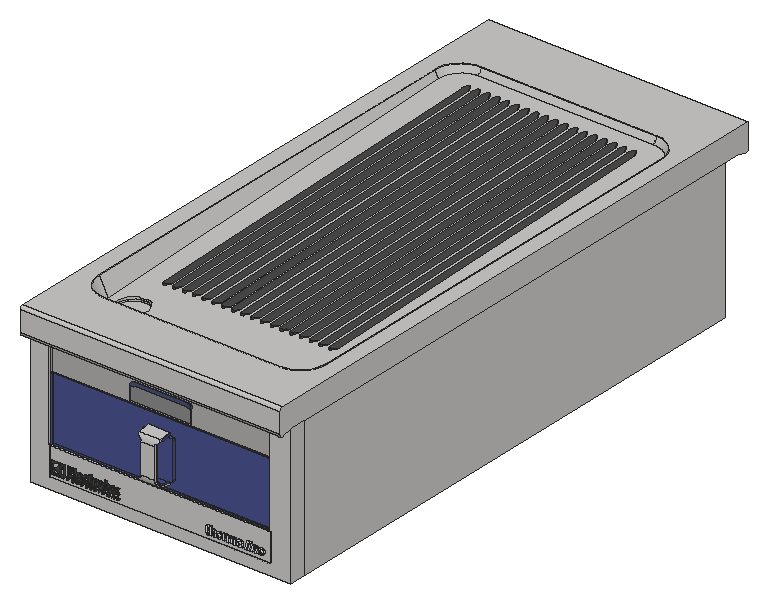
Revit family "QF_ELECTROLUXPROFESSIONAL_589830_MCHNAADODM", category Attrezzature speciali, Revit 2020
Family settings
  Quota connettore circolare = Usa diametro
  Tipo di parte = Normale
  Basato su piano di lavoro = No
  Sempre verticale = Sì
  Taglio con vuoti quando caricato = No
  Condiviso = No
  Punto di calcolo locali = No
Parameters (values of type "Standard")
  Weight = 69.00 kg
  Watts = 5100 W
  Volts = 440 V
  URL Manufacturer = "https://www.electroluxprofessional.com/"
  URL = "https://www.electroluxprofessional.com/"
  Steam Supply Size = 0"
  Steam Supply Minimum Pressure = 0.00 psi
  Steam Supply Maximum Pressure = 0.00 psi
  Steam Consumption per Hour = 0
  Refrigeration Suction Line Size = 0 mm
  Refrigeration Liquid Line Size = 0 mm
  Refrigerant Compressor Remote = yes
  Prospetto di default = 0 mm
  Phase = 3
  Modello = "MCHNAADODM"
  Produttore = "Electrolux Professional"
  Length Actual = 400 mm  # constant formula
  Item Number = "589830"
  Hot Water Size = 0"
  Height Actual = 250 mm  # constant formula
  HP = "6.8 HP"
  Gas Size = 0"
  Gas KW = 0
  Gas Input Pressure = 0.0 Btu/h
  Direct Waste Size = 0"
  Descrizione = "FRYTOP,RBD,1Z,1S,400X900X250H MARINE"
  Depth Actual = 900 mm  # constant formula
  Cycle = 50 Hz
  Condensate Return Size = 0"
  Compressed Air Volume = 0 GPM
  Compressed Air Size = 0"
  Compressed Air Pressure = 0.00 psi
  Cold Water Size = 0"
  Accessory = yes
Reference planes
  plane 1 "BACK": y = 0
  plane 2: z = 0
  plane 3 "LEFT": x = 0
  plane 4 "RIGHT": x = 400
  plane 5 "FRONT": y = -900
  plane 6 "TOP": z = 900
  plane 7 "Center (Left/Right)": x = 200
  plane 8 "Center (Front/Back)": y = -425
  plane 9: y = -150
  plane 10: y = -65
  plane 11: y = -840
  plane 12 "EIY": y = -685
  plane 13: z = 938
  plane 14 "BaseTop": z = 650
  plane 15: y = -855
  plane 16 "Camino": y = -50
  plane 17 "EIx": x = 355
  plane 18: z = 1131
  plane 19 "PlaneRibbed": through (-6096, -65, 890) normal (0, -0.0251, 0.9997)
  plane 20 "Base": z = 200
Forms (mm)
  Extrusion 1, solid, material "QF_Finishes_Stainless Steel"
    sketch origin (-178.969, -4572, 100) x (-1, 0, 0) y (0, -1, 0)
      loop
        line (-178.969, -4527) -> (-178.969, -3717) -> (-578.969, -3717) -> (-578.969, -4527) -> (-178.969, -4527)
    from 550 to 762.969
  Extrusion 2, solid, material "QF_Finishes_Stainless Steel"
    sketch origin (200, 296.4, 1219.2) x (0, 1, 0) y (0, 0, 1)
      loop
        line (-296.4, -319.2) -> (-1191.4, -319.2)
        arc (-1191.4, -319.2) -> (-1194.935, -320.664) -> (-1196.4, -324.2) r 5
        line (-1196.4, -324.2) -> (-1196.4, -355.2)
        arc (-1196.4, -355.2) -> (-1194.971, -358.264) -> (-1191.705, -359.139) r 4
        line (-1191.705, -359.139) -> (-1176.4, -356.231) -> (-316.4, -356.231) -> (-301.094, -359.139)
        arc (-301.094, -359.139) -> (-297.829, -358.264) -> (-296.4, -355.2) r 4
        line (-296.4, -355.2) -> (-296.4, -319.2)
    from -200 to 200
  Extrusion 3, void
    sketch origin (0, -30, 900) x (-1, 0, 0) y (0, -1, 0)
      loop
        arc (-65, 65) -> (-36.716, 76.716) -> (-25, 105) r 40
        line (-25, 105) -> (-25, 750)
        arc (-25, 750) -> (-36.716, 778.284) -> (-65, 790) r 40
        line (-65, 790) -> (-335, 790)
        arc (-335, 790) -> (-363.284, 778.284) -> (-375, 750) r 40
        line (-375, 750) -> (-375, 105)
        arc (-375, 105) -> (-363.284, 76.716) -> (-335, 65) r 40
        line (-335, 65) -> (-65, 65)
    from 0 to -30
  Sweep 4, solid, material "QF_Finishes_Stainless Steel"
    path origin (0, -30, 900) x (-1, 0, 0) y (0, -1, 0)
      loop
        line (-25, 105) -> (-25, 750)
        arc (-25, 750) -> (-36.716, 778.284) -> (-65, 790) r 40
        line (-65, 790) -> (-335, 790)
        arc (-335, 790) -> (-363.284, 778.284) -> (-375, 750) r 40
        line (-375, 750) -> (-375, 105)
        arc (-375, 105) -> (-363.284, 76.716) -> (-335, 65) r 40
        line (-335, 65) -> (-65, 65)
        arc (-65, 65) -> (-36.716, 76.716) -> (-25, 105) r 40
    profile origin (25, -457.5, 900) x (1, 0, 0) y (0, 0, 1)
      loop
        line (0, 0) -> (0, -30) -> (15, -30) -> (0, 0)
  Extrusion 5, void
    sketch origin (-19.991, -30, 900) x (-1, 0, 0) y (0, -1, 0)
      loop
        circle (-94.991, 746) r 22.248
    from -32.282 to 0
  Extrusion 6, solid, material "QF_Finishes_Stainless Steel"
    sketch origin (200, 266.4, 1219.2) x (0, 1, 0) y (0, 0, 1)
      loop
        line (-1086.4, -349.2) -> (-361.4, -349.2) -> (-361.4, -329.2) -> (-1086.4, -347.399) -> (-1086.4, -349.2)
    from -175 to 175
  Extrusion 7, void
    sketch origin (-34.748, -10, 900) x (-1, 0, 0) y (0, -1, 0)
      loop
        circle (-109.748, 765.667) r 22.248
    from -32.282 to 0
  Extrusion 8, solid, material "QF_Finishes_Stainless Steel"
    sketch origin (0, 0, 650) x (-1, 0, 0) y (0, -1, 0)
      loop
        circle (-355, 685) r 10
    from 0 to -6.533
Cuts and joins
  Extrusion 3, Extrusion 5, Extrusion 7 cuts Extrusion 2
  Extrusion 7 cuts Sweep 4
  Extrusion 7 cuts Extrusion 6
  joined: Sweep 4, Extrusion 6
Lines and regions (mm)
  symbolic lines
    curve 1: line (0, 0, 100) -> (400, 0, 100)
    curve 2: line (0, -900, 100) -> (0, 0, 100)
    curve 3: line (400, -900, 100) -> (0, -900, 100)
    curve 4: line (400, 0, 100) -> (400, -900, 100)
    curve 5: line (335, -95, 0) -> (65.29, -95, 0)
    curve 6: line (65.29, -820, 0) -> (335, -820, 0)
    curve 7: line (65, -110, 900) -> (335, -110, 900)
    curve 8: line (335, -806.075, 900) -> (65, -806.075, 900)
    curve 9: arc (360, -781.075, 900) -> (352.678, -798.753, 900) -> (335, -806.075, 900) r 25
    curve 10: line (360, -135, 900) -> (360, -781.075, 900)
    curve 11: arc (335, -110, 900) -> (352.678, -117.322, 900) -> (360, -135, 900) r 25
    curve 12: circle (75, -776, 900) r 22.248 normal (0, 0, 1)
    curve 13: arc (90.5, -115.483, 900) -> (62.314, -127.096, 900) -> (50.5, -155.198, 900) r 39.994
    curve 14: line (90.5, -115.482, 900) -> (309.507, -115.482, 900)
    curve 15: line (50.5, -692.082, 900) -> (50.5, -155.198, 900)
    curve 16: arc (50.5, -692.082, 900) -> (62.314, -720.184, 900) -> (90.5, -731.797, 900) r 39.994
    curve 17: line (309.507, -731.798, 900) -> (90.5, -731.798, 900)
    curve 18: line (40.29, -738.526, 900) -> (360, -738.526, 900)
    curve 19: line (40.29, -748.526, 900) -> (360, -748.526, 900)
    curve 20: arc (65, -95, 900) -> (36.716, -106.716, 900) -> (25, -135, 900) r 40
    curve 21: line (25, -135, 900) -> (25, -780, 900)
    curve 22: arc (25, -780, 900) -> (36.716, -808.284, 900) -> (65, -820, 900) r 40
    curve 23: arc (335, -820, 900) -> (363.284, -808.284, 900) -> (375, -780, 900) r 40
    curve 24: line (375, -780, 900) -> (375, -135, 900)
    curve 25: arc (375, -135, 900) -> (363.284, -106.716, 900) -> (335, -95, 900) r 40
    curve 26: arc (309.507, -115.483, 900) -> (337.688, -127.098, 900) -> (349.5, -155.198, 900) r 39.994
    curve 27: line (349.5, -692.082, 900) -> (349.5, -155.198, 900)
    curve 28: arc (349.5, -692.082, 900) -> (337.688, -720.181, 900) -> (309.507, -731.797, 900) r 39.994
    curve 29: arc (65, -806.075, 900) -> (47.322, -798.753, 900) -> (40, -781.075, 900) r 25
    curve 30: line (40, -781.075, 900) -> (40, -135, 900)
    curve 31: arc (40, -135, 900) -> (47.322, -117.322, 900) -> (65, -110, 900) r 25
Dimensions and locks
  plane 3 "LEFT" to plane 4 "RIGHT" = 400 mm
  plane 5 "FRONT" to plane 1 "BACK" = 900 mm
  plane 3 "LEFT" to plane 7 "Center (Left/Right)" to plane 4 "RIGHT" = 200 mm, 200 mm
  plane 5 "FRONT" to plane 8 "Center (Front/Back)" to plane 1 "BACK" = 475 mm, 425 mm
  plane 6 "TOP" to level = 900 mm  (x2)
  plane 1 "BACK" to plane 9 = 150 mm
  plane 12 "EIY" to plane 1 "BACK" = 685 mm
  plane 13 to plane 6 "TOP" = 38 mm
  plane 10 to plane 1 "BACK" = 65 mm
  plane 5 "FRONT" to plane 11 = 60 mm
  locked: plane 6 "TOP" to plane 14 "BaseTop" at 250
  locked: plane 15 to plane 5 "FRONT" at 45
  plane 16 "Camino" to plane 1 "BACK" = 50 mm
  plane 17 "EIx" to plane 4 "RIGHT" = 45 mm
  plane 18 to plane 6 "TOP" = 231 mm
  plane 20 "Base" to level = 200 mm
  aligned and locked: level to plane 2
  aligned and locked: cut or joined group of Extrusion 2, Extrusion 3, Extrusion 5, Extrusion 7 to plane 4 "RIGHT"
  aligned and locked: nested 1 to plane 15
  aligned and locked: Extrusion 1 to plane 15
  aligned and locked: plane 3 "LEFT" to nested 1
Nested families
  nested 1: "Front_Panel_W400_1 Knob" at (52.376, -855, 0), type "Front_Panel_W400_1 Knob"
  nested 2: "Rib_D12" at (312.5, -409.667, 882.101) x (-1, 0, 0) z (0, -0.0251, 0.9997), type "Rib_D12"
    with Show Clearance yes, Lenght 588 mm
  nested 3: "Rib_D12" at (297.5, -409.667, 882.101) x (-1, 0, 0) z (0, -0.0251, 0.9997), type "Rib_D12"
    with Show Clearance yes, Lenght 588 mm
  nested 4: "Rib_D12" at (282.5, -409.667, 882.101) x (-1, 0, 0) z (0, -0.0251, 0.9997), type "Rib_D12"
    with Show Clearance yes, Lenght 588 mm
  nested 5: "Rib_D12" at (267.5, -409.667, 882.101) x (-1, 0, 0) z (0, -0.0251, 0.9997), type "Rib_D12"
    with Show Clearance yes, Lenght 588 mm
  nested 6: "Rib_D12" at (252.5, -409.667, 882.101) x (-1, 0, 0) z (0, -0.0251, 0.9997), type "Rib_D12"
    with Show Clearance yes, Lenght 588 mm
  nested 7: "Rib_D12" at (237.5, -409.667, 882.101) x (-1, 0, 0) z (0, -0.0251, 0.9997), type "Rib_D12"
    with Show Clearance yes, Lenght 588 mm
  nested 8: "Rib_D12" at (222.5, -409.667, 882.101) x (-1, 0, 0) z (0, -0.0251, 0.9997), type "Rib_D12"
    with Show Clearance yes, Lenght 588 mm
  nested 9: "Rib_D12" at (207.5, -409.667, 882.101) x (-1, 0, 0) z (0, -0.0251, 0.9997), type "Rib_D12"
    with Show Clearance yes, Lenght 588 mm
  nested 10: "Rib_D12" at (192.5, -409.667, 882.101) x (-1, 0, 0) z (0, -0.0251, 0.9997), type "Rib_D12"
    with Show Clearance yes, Lenght 588 mm
  nested 11: "Rib_D12" at (177.5, -409.667, 882.101) x (-1, 0, 0) z (0, -0.0251, 0.9997), type "Rib_D12"
    with Show Clearance yes, Lenght 588 mm
  nested 12: "Rib_D12" at (162.5, -409.667, 882.101) x (-1, 0, 0) z (0, -0.0251, 0.9997), type "Rib_D12"
    with Show Clearance yes, Lenght 588 mm
  nested 13: "Rib_D12" at (147.5, -409.667, 882.101) x (-1, 0, 0) z (0, -0.0251, 0.9997), type "Rib_D12"
    with Show Clearance yes, Lenght 588 mm
  nested 14: "Rib_D12" at (327.5, -409.667, 882.101) x (-1, 0, 0) z (0, -0.0251, 0.9997), type "Rib_D12"
    with Show Clearance yes, Lenght 588 mm
  nested 15: "Rib_D12" at (132.5, -409.667, 882.101) x (-1, 0, 0) z (0, -0.0251, 0.9997), type "Rib_D12"
    with Show Clearance yes, Lenght 588 mm
  nested 16: "Rib_D12" at (117.5, -409.667, 882.101) x (-1, 0, 0) z (0, -0.0251, 0.9997), type "Rib_D12"
    with Show Clearance yes, Lenght 588 mm
  nested 17: "Rib_D12" at (102.5, -409.667, 882.101) x (-1, 0, 0) z (0, -0.0251, 0.9997), type "Rib_D12"
    with Show Clearance yes, Lenght 588 mm
  nested 18: "Rib_D12" at (87.5, -409.667, 882.101) x (-1, 0, 0) z (0, -0.0251, 0.9997), type "Rib_D12"
    with Show Clearance yes, Lenght 588 mm
  nested 19: "Rib_D12" at (72.5, -409.667, 882.101) x (-1, 0, 0) z (0, -0.0251, 0.9997), type "Rib_D12"
    with Show Clearance yes, Lenght 588 mm
Connectors
  electrical at (355, -685, 643.467)
    settings: on Extrusion 8, index 1, voltage 0 V, apparent load 0 VA, apparent load phase1 0 VA, apparent load phase2 0 VA, apparent load phase3 0 VA, power factor 1, load classification "Other", number of poles 1, system type 30, power factor state 1, is connector primary yes, connector utility no, sub classification motor no, connector description "Electrical connection"
Definition of nested family "Front_Panel_W400_1 Knob"
  Parameters
    Default Elevation = 0 mm
  Reference planes
    plane 1 "Center (Front/Back)": y = 0
    plane 2: z = 0
    plane 3 "Center (Left/Right)": x = 147.624
    plane 4 "Left": x = -52.376
    plane 5 "Right": x = 347.624
    plane 6: y = -45
    plane 7: y = -310
    plane 8: y = -25
    plane 9: x = 317.624
    plane 10: x = -22.376
  Forms (mm)
    Extrusion 1, solid
      sketch origin (833.217, 829.203, -1.25) x (0, 1, 0) y (0, 0, 1)
        loop
          line (-854.203, 651.25) -> (-829.203, 651.25) -> (-829.203, 864.25) -> (-854.203, 864.25) -> (-854.203, 651.25)
      from -885.593 to -485.593
    Extrusion 2, void
      sketch origin (0, 0, 0) x (1, 0, 0) y (0, 0, 1)
        loop
          line (-24.876, 853.866) -> (-24.876, 711.866) -> (315.124, 711.866) -> (315.124, 853.866) -> (-24.876, 853.866)
      from 19.387 to 33.951
    Extrusion 3, void
      sketch origin (0, 0, 0) x (1, 0, 0) y (0, 0, 1)
        loop
          line (-22.376, 711.866) -> (-22.376, 666.866) -> (317.624, 666.866) -> (317.624, 711.866) -> (-22.376, 711.866)
      from 19.387 to 25
    Extrusion 4, solid
      sketch origin (0, 0, 0) x (1, 0, 0) y (0, 0, 1)
        loop
          line (-21.376, 710.866) -> (-21.376, 667.866) -> (316.624, 667.866) -> (316.624, 710.866) -> (-21.376, 710.866)
      from 19.387 to 25
  Cuts and joins
    Extrusion 2, Extrusion 3 cuts Extrusion 1
  Dimensions and locks
    equal spacing: plane 5 "Right", plane 3 "Center (Left/Right)", plane 4 "Left"
    plane 5 "Right" to plane 4 "Left" = 400 mm
    plane 6 to plane 7 = 265 mm
    aligned and locked: cut or joined group of Extrusion 1, Extrusion 2, Extrusion 3 to plane 4 "Left"
    aligned and locked: plane 5 "Right" to cut or joined group of Extrusion 1, Extrusion 2, Extrusion 3
    aligned and locked: plane 3 "Center (Left/Right)" to nested 1
    aligned and locked: cut or joined group of Extrusion 1, Extrusion 2, Extrusion 3 to nested 1
  Automatic sketch dimensions
    Extrusion 1 sketch curve to plane 8 = 0 mm
    Extrusion 1 sketch curve to plane 1 "Center (Front/Back)" = 0 mm
    level to Extrusion 1 sketch curve = 650 mm
    Extrusion 1 sketch curve to Extrusion 1 sketch curve = 213 mm
    Extrusion 2 sketch curve to plane 10 = 2.5 mm
    Extrusion 2 sketch curve to plane 9 = 2.5 mm
    level to Extrusion 2 sketch curve = 711.866 mm
    Extrusion 2 sketch curve to Extrusion 2 sketch curve = 142 mm
    Extrusion 3 sketch curve to plane 10 = 0 mm
    Extrusion 3 sketch curve to plane 9 = 0 mm
    level to Extrusion 3 sketch curve = 666.866 mm
    Extrusion 3 sketch curve to Extrusion 3 sketch curve = 45 mm
    plane 10 to Extrusion 4 sketch curve = 1 mm
    Extrusion 4 sketch curve to plane 9 = 1 mm
    level to Extrusion 4 sketch curve = 667.866 mm
    Extrusion 4 sketch curve to Extrusion 4 sketch curve = 43 mm
  Nested families
    nested 1: "Front glass control panel W500_1 Knob" at (147.624, 280.644, 2.752), type "Front glass control panel W500_1 Knob"
    nested 2: "Range Control Handle" at (147.624, -28.137, -209.113) x (-1, 0, 0) z (0, 0, 1), type "Range Control Handle"
    nested 3: "ELX_ThermaLine_Small" at (258.838, -25, 680.426) x (1, 0, 0) z (0, -1, 0), type "ELX_ThermaLine_Small"
      with Show Logo yes, Material_Logo none
    nested 4: "ELX_Professional_Logo_Small2" at (33.472, -25, 682.659) x (1, 0, 0) z (0, -1, 0), type "ELX_Professional_Logo_Small2"
      with Show Logo yes, Material_Logo none
  Definition of nested family "Front glass control panel W500_1 Knob"
    Parameters
      Default Elevation = 0 mm
    Reference planes
      plane 1 "Center (Front/Back)": y = 0
      plane 2: z = 0
      plane 3 "Center (Left/Right)": x = 0
    Forms (mm)
      Extrusion 1, solid
        sketch origin (378.286, 0, 0.617) x (1, 0, 0) y (0, 0, 1)
          loop
            line (-548.286, 806.791) -> (-548.286, 708.497) -> (-208.286, 708.497) -> (-208.286, 806.791) -> (-548.286, 806.791)
        from 300.031 to 304.8
      Extrusion 2, solid
        sketch origin (378.286, 0, 0.617) x (1, 0, 0) y (0, 0, 1)
          loop
            line (-548.286, 850.497) -> (-548.286, 806.791) -> (-208.286, 806.791) -> (-208.286, 850.497) -> (-548.286, 850.497)
        from 300.031 to 304.8
      Extrusion 3, void
        sketch origin (378.286, 0, 0.617) x (1, 0, 0) y (0, 0, 1)
          loop
            line (-545.628, 847.565) -> (-545.628, 710.699) -> (-211.196, 710.699) -> (-211.196, 847.565) -> (-545.628, 847.565)
        from 303.697 to 304.8
      Extrusion 4, solid
        sketch origin (308.309, 1.101, -0.633) x (1, 0, 0) y (0, 0, 1)
          loop
            line (-261.431, 812.62) -> (-261.431, 834.177) -> (-266.24, 834.177) -> (-268.039, 835.977) -> (-348.469, 835.977) -> (-350.269, 834.177) -> (-355.186, 834.177) -> (-355.186, 812.62) -> (-261.431, 812.62)
        from 304.798 to 306.745
      Extrusion 5, solid
        sketch origin (308.309, 1.101, -0.633) x (1, 0, 0) y (0, 0, 1)
          loop
            line (-350.269, 834.177) -> (-348.469, 835.977) -> (-268.039, 835.977) -> (-266.24, 834.177) -> (-261.529, 834.177)
            arc (-261.529, 834.177) -> (-262.706, 838.752) -> (-266.98, 840.763) r 5.549
            line (-266.98, 840.763) -> (-349.686, 840.763)
            arc (-349.686, 840.763) -> (-353.942, 838.747) -> (-355.078, 834.177) r 5.5
            line (-355.078, 834.177) -> (-350.269, 834.177)
        from 304.798 to 306.745
    Cuts and joins
      Extrusion 3 cuts Extrusion 1
      Extrusion 3 cuts Extrusion 2
    Dimensions and locks
      aligned and locked: Extrusion 1 to Extrusion 2
      aligned and locked: Extrusion 5 sketch curve to Extrusion 4  (x4)
      aligned and locked: Extrusion 4 to Extrusion 5 sketch curve
      aligned and locked: Extrusion 5 to Extrusion 4
  Definition of nested family "Range Control Handle"
    Parameters
      Default Elevation = 0 mm
    Reference planes
      plane 1 "Center (Front/Back)": y = 0
      plane 2: z = 0
      plane 3 "Center (Left/Right)": x = 0
      plane 4: z = 971.092
      plane 5: y = -16.9
    Forms (mm)
      Extrusion 1, solid
        sketch origin (-746.28, 380.497, 208.931) x (-1, 0, 0) y (0, 0, 1)
          loop
            line (-770.101, 786.798) -> (-770.101, 731.649)
            arc (-770.101, 731.649) -> (-769.759, 730.563) -> (-768.855, 729.87) r 1.893
            line (-768.855, 729.87) -> (-763.474, 727.911) -> (-729.81, 727.911) -> (-724.428, 729.87)
            arc (-724.428, 729.87) -> (-723.525, 730.563) -> (-723.183, 731.649) r 1.893
            line (-723.183, 731.649) -> (-723.183, 786.798)
            arc (-723.183, 786.798) -> (-723.529, 787.894) -> (-724.44, 788.593) r 1.91
            line (-724.44, 788.593) -> (-729.683, 790.819) -> (-763.601, 790.819) -> (-768.844, 788.593)
            arc (-768.844, 788.593) -> (-769.755, 787.894) -> (-770.101, 786.798) r 1.91
        from -382.35 to -378.852
      Sweep 2, solid
        path origin (-746.788, 380.496, 208.091) x (0, -1, 0) y (0, 0, 1)
          loop
            line (379.775, 793.281) -> (395.661, 791.048)
            arc (395.661, 791.048) -> (397.781, 787.377) -> (398.517, 783.202) r 12.207
            line (398.517, 783.202) -> (398.517, 737.368)
            arc (398.517, 737.368) -> (397.781, 733.193) -> (395.661, 729.522) r 12.207
            line (395.661, 729.522) -> (379.775, 727.289)
        profile origin (-746.788, -7.222, 1000.256) x (0, -0.139173, 0.990268) y (-1, 0, 0)
          loop
            line (0.782, -763.123) -> (0.782, -730.907) -> (-1.322, -730.907) -> (-1.322, -763.123) -> (0.782, -763.123)
      Sweep 3, solid
        path origin (-746.788, 380.715, 207.832) x (0, -1, 0) y (0, 0, 1)
          loop
            line (380.478, 795.442) -> (397.218, 793.09)
            arc (397.218, 793.09) -> (399.929, 788.473) -> (400.871, 783.202) r 15.207
            line (400.871, 783.202) -> (400.871, 737.584)
            arc (400.871, 737.584) -> (399.914, 732.274) -> (397.164, 727.633) r 15.207
            line (397.164, 727.633) -> (380.601, 725.305)
        profile origin (-746.788, -8.132, 1002.099) x (0, -0.139173, 0.990268) y (-1, 0, 0)
          loop
            line (0.782, -763.123) -> (0.782, -730.907) -> (-1.322, -730.907) -> (-1.322, -763.123) -> (0.782, -763.123)
      Extrusion 4, void
        sketch origin (889.253, 220.666, 207.993) x (1, 0, 0) y (0, 0, 1)
          loop
            line (-943.038, 816.854) -> (-943.038, 703.686) -> (-899.466, 734.196) -> (-899.466, 786.344) -> (-943.038, 816.854)
        from 230.636 to 242.25
      Extrusion 5, void
        sketch origin (-888.8, 220.666, 207.993) x (-1, 0, 0) y (0, 0, -1)
          loop
            line (-943.038, -816.854) -> (-899.466, -786.344) -> (-899.466, -734.196) -> (-943.038, -703.686) -> (-943.038, -816.854)
        from 230.636 to 242.25
      Extrusion 6, solid
        sketch origin (0, 0, 0) x (1, 0, 0) y (0, 0, 1)
          loop
            circle (0, 971.092) r 7.736
        from -3.137 to -1.645
    Cuts and joins
      Extrusion 4, Extrusion 5 cuts Sweep 3
      Extrusion 4, Extrusion 5 cuts Sweep 2
      joined: Extrusion 1, Extrusion 6
    Lines and regions (mm)
      symbolic lines
        curve 1: line (16.334, -16.9, 0) -> (16.334, -19.227, 0)
        curve 2: spline (16.334, -19.227, 0) -> (15.87, -19.385, 0) -> (15.404, -19.536, 0) -> (14.936, -19.678, 0) -> (14.466, -19.813, 0) -> (13.995, -19.94, 0) -> (13.523, -20.059, 0) -> (13.049, -20.171, 0) -> (12.575, -20.274, 0) -> (12.099, -20.37, 0) -> (11.622, -20.458, 0) -> (11.144, -20.537, 0) -> (10.666, -20.609, 0)
        curve 3: line (10.666, -16.9, 0) -> (10.666, -20.938, 0)
        curve 4: line (-10.213, -20.938, 0) -> (10.666, -20.938, 0)
        curve 5: line (-10.213, -20.938, 0) -> (-10.213, -16.9, 0)
        curve 6: spline (-10.213, -20.609, 0) -> (-10.691, -20.537, 0) -> (-11.169, -20.458, 0) -> (-11.646, -20.37, 0) -> (-12.122, -20.274, 0) -> (-12.597, -20.171, 0) -> (-13.07, -20.059, 0) -> (-13.542, -19.94, 0) -> (-14.013, -19.813, 0) -> (-14.483, -19.678, 0) -> (-14.951, -19.536, 0) -> (-15.417, -19.385, 0) -> (-15.881, -19.227, 0)
        curve 7: line (-15.881, -19.227, 0) -> (-15.881, -16.9, 0)
  Definition of nested family "ELX_ThermaLine_Small"
    Parameters
      Show Logo [instance] = yes
      Material_Logo [instance] = none
      Default Elevation = 0 mm
    Reference planes
      plane 1 "Centro (Fronte/Retro)": y = 0
      plane 2: z = 0
      plane 3 "Centro (Sinistra/Destra)": x = 0
    Forms (mm)
      Extrusion 1, solid
        sketch origin (0, 0, 0) x (1, 0, 0) y (0, 1, 0)
          loop
            line (-1219.2, 1219.2) -> (-1219.2, -1219.2) -> (1219.2, -1219.2) -> (1219.2, 1219.2) -> (-1219.2, 1219.2)
        from 0 to -304.8
      Extrusion 2, solid
        sketch origin (0, 0, 0) x (1, 0, 0) y (0, 1, 0)
          loop
            line (-37.494, 1.229) -> (-35.908, 1.229) -> (-35.908, 3.066) -> (-37.494, 3.066) -> (-37.494, 6.221) -> (-39.867, 4.881) -> (-39.867, 3.066) -> (-40.969, 3.066) -> (-40.969, 1.229) -> (-39.867, 1.229) -> (-39.867, -3.407)
            arc (-39.867, -3.407) -> (-38.982, -5.513) -> (-36.751, -6.001) r 2.478
            line (-36.751, -6.001) -> (-35.638, -5.7) -> (-35.9, -3.835) -> (-36.661, -4.039)
            arc (-36.661, -4.039) -> (-37.236, -3.924) -> (-37.494, -3.399) r 0.662
            line (-37.494, -3.399) -> (-37.494, 1.229)
          loop
            line (-34.242, 6.539) -> (-34.242, -5.848) -> (-31.854, -5.848) -> (-31.854, -0.078)
            arc (-31.854, -0.078) -> (-30.939, 1.249) -> (-29.33, 1.367) r 1.866
            arc (-29.33, 1.367) -> (-28.695, 0.768) -> (-28.461, -0.073) r 1.627
            line (-28.461, -0.073) -> (-28.461, -5.848) -> (-26.086, -5.848) -> (-26.064, -0.46)
            arc (-26.064, -0.46) -> (-26.261, 0.932) -> (-26.786, 2.237) r 5.825
            arc (-26.786, 2.237) -> (-29.381, 3.264) -> (-31.854, 1.971) r 3.353
            line (-31.854, 1.971) -> (-31.854, 6.539) -> (-34.242, 6.539)
          loop
            arc (-18.398, -0.598) -> (-18.893, 0.879) -> (-20.326, 1.487) r 1.897
            arc (-20.326, 1.487) -> (-21.461, 0.708) -> (-21.897, -0.598) r 2.164
            line (-21.897, -0.598) -> (-18.398, -0.598)
          loop
            arc (-16.021, -2.044) -> (-16.754, 1.227) -> (-19.444, 3.226) r 4.814
            arc (-19.444, 3.226) -> (-22.137, 2.788) -> (-23.943, 0.743) r 4.054
            arc (-23.943, 0.743) -> (-24.382, -1.249) -> (-24.162, -3.276) r 6.289
            arc (-24.162, -3.276) -> (-23.302, -4.71) -> (-21.958, -5.705) r 4.28
            arc (-21.958, -5.705) -> (-18.558, -5.814) -> (-16.152, -3.409) r 4.28
            line (-16.152, -3.409) -> (-18.5, -2.995)
            arc (-18.5, -2.995) -> (-19.273, -3.994) -> (-20.533, -4.076) r 1.536
            arc (-20.533, -4.076) -> (-21.56, -3.281) -> (-21.958, -2.044) r 2.197
            line (-21.958, -2.044) -> (-16.021, -2.044)
          loop
            line (-14.165, -5.848) -> (-11.819, -5.848) -> (-11.819, -2.138)
            arc (-11.819, -2.138) -> (-11.787, -1.156) -> (-11.637, -0.185) r 8.18
            arc (-11.637, -0.185) -> (-10.644, 0.972) -> (-9.132, 0.776) r 1.603
            line (-9.132, 0.776) -> (-8.419, 2.846)
            arc (-8.419, 2.846) -> (-10.432, 3.118) -> (-11.994, 1.821) r 2.527
            line (-11.994, 1.821) -> (-11.994, 3.094) -> (-14.165, 3.094) -> (-14.165, -5.848)
          loop
            line (-7.579, 3.094) -> (-7.579, -5.848) -> (-5.178, -5.848) -> (-5.178, -0.756)
            arc (-5.178, -0.756) -> (-4.727, 0.679) -> (-3.417, 1.419) r 2.05
            arc (-3.417, 1.419) -> (-2.499, 0.908) -> (-2.155, -0.085) r 1.471
            line (-2.155, -0.085) -> (-2.155, -5.848) -> (0.23, -5.848) -> (0.23, -1.001)
            arc (0.23, -1.001) -> (0.47, 0.127) -> (1.148, 1.061) r 2.775
            arc (1.148, 1.061) -> (2.225, 1.329) -> (3.05, 0.587) r 1.182
            arc (3.05, 0.587) -> (3.199, -0.019) -> (3.214, -0.642) r 2.894
            line (3.214, -0.642) -> (3.214, -5.848) -> (5.601, -5.848) -> (5.601, 0.261)
            arc (5.601, 0.261) -> (4.87, 2.263) -> (2.976, 3.241) r 2.932
            arc (2.976, 3.241) -> (1.284, 2.973) -> (-0.047, 1.896) r 3.309
            arc (-0.047, 1.896) -> (-1.116, 2.865) -> (-2.506, 3.258) r 3.16
            arc (-2.506, 3.258) -> (-4.105, 2.942) -> (-5.376, 1.92) r 3.419
            line (-5.376, 1.92) -> (-5.376, 3.094) -> (-7.579, 3.094)
          loop
            line (7.583, 0.738) -> (9.702, 0.364)
            arc (9.702, 0.364) -> (11.441, 1.492) -> (12.855, -0.023) r 1.613
            line (12.855, -0.023) -> (9.782, -0.789)
            arc (9.782, -0.789) -> (8.559, -1.346) -> (7.617, -2.305) r 3.687
            arc (7.617, -2.305) -> (7.499, -3.681) -> (7.901, -5.003) r 3.651
            arc (7.901, -5.003) -> (9.107, -5.766) -> (10.515, -6.006) r 3.635
            arc (10.515, -6.006) -> (11.898, -5.697) -> (13.067, -4.895) r 3.734
            line (13.067, -4.895) -> (13.376, -5.848) -> (15.75, -5.848) -> (15.212, -4.193) -> (15.212, 0.38)
            arc (15.212, 0.38) -> (14.897, 1.849) -> (13.818, 2.895) r 2.585
            arc (13.818, 2.895) -> (11.792, 3.442) -> (9.719, 3.11) r 5.005
            arc (9.719, 3.11) -> (8.369, 2.178) -> (7.583, 0.738) r 3.54
          loop
            line (19.723, -5.848) -> (22.233, -5.848) -> (24.854, 6.484) -> (22.345, 6.484) -> (19.723, -5.848)
          loop
            line (24.583, -5.848) -> (26.953, -5.848) -> (28.848, 3.066) -> (26.478, 3.066) -> (24.583, -5.848)
          loop
            line (27.204, 6.484) -> (26.741, 4.305) -> (29.111, 4.305) -> (29.575, 6.484) -> (27.204, 6.484)
          loop
            line (29.355, -5.848) -> (31.849, -5.848) -> (33.098, 0.028)
            arc (33.098, 0.028) -> (34.169, 1.306) -> (35.832, 1.422) r 2.132
            arc (35.832, 1.422) -> (36.324, 0.752) -> (36.383, -0.078) r 1.5
            line (36.383, -0.078) -> (35.157, -5.848) -> (37.536, -5.848) -> (38.936, 0.738)
            arc (38.936, 0.738) -> (38.775, 2.091) -> (37.825, 3.066) r 2.118
            arc (37.825, 3.066) -> (35.392, 3.175) -> (33.295, 1.937) r 4.271
            line (33.295, 1.937) -> (33.535, 3.066) -> (31.25, 3.066) -> (29.355, -5.848)
          loop
            line (42.792, -0.64) -> (46.589, -0.64)
            arc (46.589, -0.64) -> (46.639, 0.124) -> (46.327, 0.823) r 1.589
            arc (46.327, 0.823) -> (45.117, 1.521) -> (43.762, 1.183) r 1.865
            arc (43.762, 1.183) -> (43.141, 0.344) -> (42.792, -0.64) r 3.538
          loop
            line (42.565, -2.138) -> (48.593, -2.138)
            arc (48.593, -2.138) -> (48.58, 0.597) -> (46.983, 2.818) r 4.494
            arc (46.983, 2.818) -> (44.191, 3.28) -> (41.725, 1.891) r 4.26
            arc (41.725, 1.891) -> (40.503, -0.3) -> (40.284, -2.799) r 6.003
            arc (40.284, -2.799) -> (40.959, -4.468) -> (42.377, -5.576) r 3.482
            arc (42.377, -5.576) -> (44.265, -5.961) -> (46.152, -5.576) r 4.823
            arc (46.152, -5.576) -> (47.432, -4.731) -> (48.328, -3.485) r 4.245
            line (48.328, -3.485) -> (46.168, -3.105)
            arc (46.168, -3.105) -> (45.214, -4.072) -> (43.859, -4.181) r 1.953
            arc (43.859, -4.181) -> (42.821, -3.408) -> (42.565, -2.138) r 1.81
          loop
            line (12.868, -1.553) -> (10.216, -2.214)
            arc (10.216, -2.214) -> (9.747, -3.136) -> (10.216, -4.058) r 1.14
            arc (10.216, -4.058) -> (11.537, -4.249) -> (12.614, -3.46) r 1.763
            arc (12.614, -3.46) -> (12.858, -2.522) -> (12.868, -1.553) r 3.97
        from 0 to 1.6
    Dimensions and locks
      aligned and locked: plane 2 to Extrusion 1
      aligned and locked: level to Extrusion 1
  Definition of nested family "ELX_Professional_Logo_Small2"
    Parameters
      Show Logo [instance] = yes
      Material_Logo [instance] = none
      Default Elevation = 0 mm
    Reference planes
      plane 1 "Centro (Fronte/Retro)": y = 0
      plane 2: z = 0
      plane 3 "Centro (Sinistra/Destra)": x = 0
    Forms (mm)
      Extrusion 1, solid
        sketch origin (0, 0, 0) x (1, 0, 0) y (0, 1, 0)
          loop
            line (-1219.2, 1219.2) -> (-1219.2, -1219.2) -> (1219.2, -1219.2) -> (1219.2, 1219.2) -> (-1219.2, 1219.2)
        from 0 to -304.8
      Extrusion 2, solid, material <- "Material_Logo"
        sketch origin (15.5, 0, 0) x (1, 0, 0) y (0, 1, 0)
          loop
            spline (-39.691, -1.091) -> (-39.872, -1.083) -> (-40.065, -1.059) -> (-40.265, -1.013) -> (-40.466, -0.945) -> (-40.663, -0.85) -> (-40.851, -0.726) -> (-41.025, -0.569) -> (-41.179, -0.377) -> (-41.308, -0.147) -> (-41.407, 0.125) -> (-41.47, 0.441) -> (-41.492, 0.805)
            line (-41.492, 0.805) -> (-41.492, 2.418) -> (-36.166, 2.418) -> (-36.166, 4.475) -> (-41.493, 4.475) -> (-41.493, 7.47) -> (-35.827, 7.47) -> (-35.827, 9.522) -> (-43.673, 9.522) -> (-43.673, 0.898)
            spline (-43.673, 0.898) -> (-43.654, 0.368) -> (-43.594, -0.132) -> (-43.494, -0.6) -> (-43.352, -1.034) -> (-43.166, -1.432) -> (-42.937, -1.793) -> (-42.661, -2.115) -> (-42.34, -2.396) -> (-41.97, -2.635) -> (-41.552, -2.83) -> (-41.084, -2.978) -> (-40.565, -3.079)
            line (-40.565, -3.079) -> (-39.709, -3.141) -> (-35.675, -3.141) -> (-35.675, -1.091) -> (-39.691, -1.091)
          loop
            line (-34.126, 3.539) -> (-34.126, -3.144) -> (-31.945, -3.144) -> (-31.945, 9.525) -> (-34.126, 9.525) -> (-34.126, 3.539)
          loop
            spline (-21.182, 0.903) -> (-21.167, 1.589) -> (-21.233, 2.252) -> (-21.376, 2.887) -> (-21.594, 3.487) -> (-21.884, 4.047) -> (-22.243, 4.559) -> (-22.669, 5.018) -> (-23.158, 5.419) -> (-23.707, 5.754) -> (-24.315, 6.017) -> (-24.977, 6.204) -> (-25.691, 6.307)
            spline (-25.691, 6.307) -> (-26.371, 6.268) -> (-27.016, 6.151) -> (-27.622, 5.961) -> (-28.185, 5.701) -> (-28.7, 5.372) -> (-29.161, 4.978) -> (-29.565, 4.522) -> (-29.906, 4.007) -> (-30.18, 3.435) -> (-30.381, 2.811) -> (-30.506, 2.136) -> (-30.548, 1.413)
            spline (-30.548, 1.413) -> (-30.507, 0.709) -> (-30.386, 0.05) -> (-30.189, -0.56) -> (-29.921, -1.118) -> (-29.584, -1.622) -> (-29.182, -2.068) -> (-28.72, -2.453) -> (-28.202, -2.775) -> (-27.63, -3.031) -> (-27.009, -3.217) -> (-26.344, -3.331) -> (-25.636, -3.37)
            spline (-25.636, -3.37) -> (-25.291, -3.361) -> (-24.95, -3.335) -> (-24.613, -3.29) -> (-24.28, -3.224) -> (-23.951, -3.134) -> (-23.626, -3.02) -> (-23.305, -2.88) -> (-22.989, -2.712) -> (-22.676, -2.515) -> (-22.368, -2.286) -> (-22.065, -2.023) -> (-21.766, -1.726)
            line (-21.766, -1.726) -> (-23.08, -0.448)
            spline (-23.08, -0.448) -> (-23.254, -0.615) -> (-23.428, -0.768) -> (-23.604, -0.906) -> (-23.785, -1.031) -> (-23.971, -1.142) -> (-24.164, -1.238) -> (-24.366, -1.32) -> (-24.579, -1.387) -> (-24.803, -1.439) -> (-25.041, -1.477) -> (-25.294, -1.5) -> (-25.564, -1.507)
            spline (-25.564, -1.507) -> (-25.958, -1.488) -> (-26.328, -1.43) -> (-26.672, -1.336) -> (-26.989, -1.207) -> (-27.276, -1.044) -> (-27.533, -0.85) -> (-27.757, -0.625) -> (-27.948, -0.371) -> (-28.103, -0.09) -> (-28.221, 0.217) -> (-28.3, 0.549) -> (-28.339, 0.903)
            line (-28.339, 0.903) -> (-21.182, 0.903)
          loop
            spline (-23.373, 2.436) -> (-23.394, 2.706) -> (-23.456, 2.965) -> (-23.555, 3.212) -> (-23.69, 3.444) -> (-23.857, 3.658) -> (-24.053, 3.851) -> (-24.276, 4.022) -> (-24.522, 4.167) -> (-24.79, 4.285) -> (-25.076, 4.372) -> (-25.377, 4.426) -> (-25.691, 4.445)
            spline (-25.691, 4.445) -> (-26.028, 4.426) -> (-26.352, 4.373) -> (-26.661, 4.287) -> (-26.952, 4.171) -> (-27.221, 4.028) -> (-27.467, 3.858) -> (-27.686, 3.666) -> (-27.875, 3.452) -> (-28.033, 3.22) -> (-28.155, 2.972) -> (-28.24, 2.71) -> (-28.284, 2.436)
            line (-28.284, 2.436) -> (-23.373, 2.436)
          loop
            spline (-17.847, 1.469) -> (-17.822, 1.874) -> (-17.749, 2.259) -> (-17.63, 2.62) -> (-17.47, 2.955) -> (-17.27, 3.26) -> (-17.034, 3.534) -> (-16.765, 3.773) -> (-16.464, 3.975) -> (-16.137, 4.136) -> (-15.784, 4.255) -> (-15.41, 4.328) -> (-15.017, 4.353)
            spline (-15.017, 4.353) -> (-14.775, 4.346) -> (-14.544, 4.323) -> (-14.323, 4.286) -> (-14.111, 4.235) -> (-13.907, 4.17) -> (-13.711, 4.091) -> (-13.523, 3.999) -> (-13.342, 3.894) -> (-13.168, 3.776) -> (-13, 3.645) -> (-12.837, 3.503) -> (-12.68, 3.349)
            line (-12.68, 3.349) -> (-11.329, 4.755)
            spline (-11.329, 4.755) -> (-11.597, 5.024) -> (-11.874, 5.266) -> (-12.159, 5.481) -> (-12.451, 5.67) -> (-12.75, 5.834) -> (-13.056, 5.974) -> (-13.369, 6.09) -> (-13.687, 6.183) -> (-14.012, 6.255) -> (-14.342, 6.304) -> (-14.677, 6.334) -> (-15.017, 6.344)
            spline (-15.017, 6.344) -> (-15.698, 6.301) -> (-16.351, 6.178) -> (-16.969, 5.977) -> (-17.547, 5.704) -> (-18.079, 5.364) -> (-18.558, 4.961) -> (-18.98, 4.498) -> (-19.339, 3.982) -> (-19.628, 3.417) -> (-19.841, 2.806) -> (-19.974, 2.155) -> (-20.019, 1.469)
            spline (-20.019, 1.469) -> (-19.974, 0.782) -> (-19.841, 0.131) -> (-19.628, -0.479) -> (-19.339, -1.045) -> (-18.98, -1.561) -> (-18.558, -2.023) -> (-18.079, -2.427) -> (-17.547, -2.767) -> (-16.969, -3.04) -> (-16.351, -3.24) -> (-15.698, -3.364) -> (-15.017, -3.406)
            spline (-15.017, -3.406) -> (-14.677, -3.397) -> (-14.342, -3.367) -> (-14.012, -3.317) -> (-13.687, -3.246) -> (-13.369, -3.153) -> (-13.056, -3.036) -> (-12.75, -2.897) -> (-12.451, -2.733) -> (-12.159, -2.543) -> (-11.874, -2.328) -> (-11.597, -2.087) -> (-11.329, -1.818)
            line (-11.329, -1.818) -> (-12.68, -0.412)
            spline (-12.68, -0.412) -> (-12.837, -0.566) -> (-13, -0.708) -> (-13.168, -0.838) -> (-13.342, -0.956) -> (-13.523, -1.061) -> (-13.711, -1.154) -> (-13.907, -1.232) -> (-14.111, -1.298) -> (-14.323, -1.349) -> (-14.544, -1.386) -> (-14.775, -1.408) -> (-15.017, -1.416)
            spline (-15.017, -1.416) -> (-15.41, -1.391) -> (-15.784, -1.318) -> (-16.137, -1.199) -> (-16.464, -1.037) -> (-16.765, -0.836) -> (-17.034, -0.597) -> (-17.27, -0.323) -> (-17.47, -0.018) -> (-17.63, 0.317) -> (-17.749, 0.678) -> (-17.822, 1.063) -> (-17.847, 1.469)
          loop
            spline (-5.768, -1.094) -> (-5.96, -1.097) -> (-6.166, -1.083) -> (-6.381, -1.047) -> (-6.598, -0.987) -> (-6.813, -0.898) -> (-7.02, -0.778) -> (-7.214, -0.623) -> (-7.389, -0.429) -> (-7.539, -0.193) -> (-7.661, 0.089) -> (-7.747, 0.42) -> (-7.793, 0.805)
            line (-7.793, 0.805) -> (-7.793, 4.036) -> (-5.809, 4.036) -> (-5.809, 6.018) -> (-7.79, 6.018) -> (-7.79, 9.525) -> (-9.971, 9.525) -> (-9.971, 0.681)
            spline (-9.971, 0.681) -> (-9.924, 0.167) -> (-9.84, -0.315) -> (-9.716, -0.766) -> (-9.553, -1.182) -> (-9.35, -1.563) -> (-9.104, -1.907) -> (-8.816, -2.213) -> (-8.484, -2.478) -> (-8.107, -2.701) -> (-7.684, -2.88) -> (-7.214, -3.015) -> (-6.697, -3.102)
            line (-6.697, -3.102) -> (-5.776, -3.144) -> (-5.768, -1.094)
          loop
            spline (1.57, 6.145) -> (1.193, 6.168) -> (0.83, 6.161) -> (0.482, 6.125) -> (0.149, 6.062) -> (-0.166, 5.971) -> (-0.463, 5.854) -> (-0.741, 5.711) -> (-0.999, 5.545) -> (-1.236, 5.355) -> (-1.45, 5.143) -> (-1.642, 4.909) -> (-1.81, 4.655)
            line (-1.81, 4.655) -> (-1.81, 6.017) -> (-3.974, 6.017) -> (-3.974, -3.144) -> (-1.81, -3.144) -> (-1.81, 1.673)
            spline (-1.81, 1.673) -> (-1.79, 2.038) -> (-1.732, 2.379) -> (-1.636, 2.693) -> (-1.505, 2.98) -> (-1.339, 3.238) -> (-1.14, 3.466) -> (-0.91, 3.662) -> (-0.65, 3.826) -> (-0.361, 3.956) -> (-0.046, 4.05) -> (0.296, 4.108) -> (0.661, 4.127)
            line (0.661, 4.127) -> (1.57, 4.036) -> (1.57, 6.145)
          loop
            spline (11.902, 1.437) -> (11.856, 2.109) -> (11.723, 2.749) -> (11.509, 3.353) -> (11.219, 3.915) -> (10.861, 4.43) -> (10.438, 4.893) -> (9.958, 5.298) -> (9.427, 5.641) -> (8.849, 5.917) -> (8.232, 6.121) -> (7.582, 6.247) -> (6.903, 6.29)
            spline (6.903, 6.29) -> (6.221, 6.247) -> (5.567, 6.121) -> (4.949, 5.917) -> (4.371, 5.641) -> (3.84, 5.298) -> (3.361, 4.893) -> (2.94, 4.43) -> (2.582, 3.915) -> (2.294, 3.353) -> (2.081, 2.749) -> (1.949, 2.109) -> (1.904, 1.437)
            spline (1.904, 1.437) -> (1.949, 0.765) -> (2.081, 0.124) -> (2.294, -0.479) -> (2.582, -1.041) -> (2.94, -1.556) -> (3.361, -2.019) -> (3.84, -2.424) -> (4.371, -2.768) -> (4.949, -3.044) -> (5.567, -3.247) -> (6.221, -3.373) -> (6.903, -3.416)
            spline (6.903, -3.416) -> (7.582, -3.373) -> (8.232, -3.247) -> (8.849, -3.044) -> (9.427, -2.768) -> (9.958, -2.424) -> (10.438, -2.019) -> (10.861, -1.556) -> (11.219, -1.041) -> (11.509, -0.479) -> (11.723, 0.124) -> (11.856, 0.765) -> (11.902, 1.437)
          loop
            spline (9.738, 1.437) -> (9.713, 1.833) -> (9.639, 2.211) -> (9.52, 2.568) -> (9.359, 2.9) -> (9.158, 3.205) -> (8.921, 3.48) -> (8.65, 3.72) -> (8.349, 3.924) -> (8.021, 4.088) -> (7.669, 4.208) -> (7.295, 4.283) -> (6.903, 4.309)
            spline (6.903, 4.309) -> (6.508, 4.283) -> (6.131, 4.208) -> (5.778, 4.088) -> (5.449, 3.924) -> (5.149, 3.72) -> (4.879, 3.48) -> (4.643, 3.205) -> (4.444, 2.9) -> (4.284, 2.568) -> (4.166, 2.211) -> (4.093, 1.833) -> (4.068, 1.437)
            spline (4.068, 1.437) -> (4.093, 1.04) -> (4.166, 0.662) -> (4.284, 0.305) -> (4.444, -0.027) -> (4.643, -0.332) -> (4.879, -0.606) -> (5.149, -0.847) -> (5.449, -1.05) -> (5.778, -1.214) -> (6.131, -1.335) -> (6.508, -1.41) -> (6.903, -1.435)
            spline (6.903, -1.435) -> (7.295, -1.41) -> (7.669, -1.335) -> (8.021, -1.214) -> (8.349, -1.05) -> (8.65, -0.847) -> (8.921, -0.606) -> (9.158, -0.332) -> (9.359, -0.027) -> (9.52, 0.305) -> (9.639, 0.662) -> (9.713, 1.04) -> (9.738, 1.437)
          loop
            line (13.243, 3.757) -> (13.243, -3.144) -> (15.425, -3.144) -> (15.425, 9.525) -> (13.243, 9.525) -> (13.243, 3.757)
          loop
            line (23.291, 6.017) -> (23.291, 0.692)
            spline (23.291, 0.692) -> (23.274, 0.346) -> (23.222, 0.034) -> (23.14, -0.245) -> (23.027, -0.492) -> (22.887, -0.706) -> (22.721, -0.89) -> (22.531, -1.043) -> (22.319, -1.166) -> (22.087, -1.261) -> (21.837, -1.328) -> (21.571, -1.368) -> (21.291, -1.381)
            spline (21.291, -1.381) -> (21.011, -1.368) -> (20.746, -1.328) -> (20.496, -1.262) -> (20.264, -1.167) -> (20.052, -1.044) -> (19.862, -0.892) -> (19.696, -0.71) -> (19.556, -0.497) -> (19.444, -0.253) -> (19.361, 0.023) -> (19.31, 0.331) -> (19.292, 0.673)
            line (19.292, 0.673) -> (19.292, 6.017) -> (17.093, 6.017) -> (17.093, 0.491)
            spline (17.093, 0.491) -> (17.132, -0.135) -> (17.245, -0.704) -> (17.426, -1.218) -> (17.672, -1.676) -> (17.975, -2.078) -> (18.331, -2.426) -> (18.734, -2.719) -> (19.18, -2.958) -> (19.662, -3.143) -> (20.175, -3.275) -> (20.714, -3.354) -> (21.274, -3.38)
            spline (21.274, -3.38) -> (21.838, -3.354) -> (22.381, -3.274) -> (22.898, -3.14) -> (23.384, -2.952) -> (23.834, -2.71) -> (24.24, -2.412) -> (24.599, -2.06) -> (24.905, -1.652) -> (25.153, -1.187) -> (25.336, -0.666) -> (25.45, -0.089) -> (25.49, 0.546)
            line (25.49, 0.546) -> (25.49, 6.017) -> (23.291, 6.017)
          loop
            line (33.743, -0.214) -> (32.367, 1.709) -> (34.07, 4.03) -> (35.529, 6.017) -> (33.148, 6.017) -> (31.166, 3.272) -> (29.167, 6.017) -> (26.804, 6.017) -> (28.16, 4.164) -> (29.967, 1.691) -> (28.073, -0.947) -> (26.495, -3.144) -> (28.84, -3.144) -> (31.166, 0.092) -> (33.493, -3.144) -> (35.838, -3.144) -> (33.743, -0.214)
          loop
            line (-42.447, -5.137) -> (-44.134, -5.137) -> (-44.134, -9.516) -> (-43.234, -9.516) -> (-43.234, -8.032) -> (-42.447, -8.032)
            arc (-42.447, -8.032) -> (-40.999, -6.584) -> (-42.447, -5.137) r 1.448
          loop
            line (-43.234, -5.965) -> (-43.234, -7.204) -> (-42.424, -7.204)
            arc (-42.424, -7.204) -> (-41.804, -6.584) -> (-42.424, -5.965) r 0.62
            line (-42.424, -5.965) -> (-43.234, -5.965)
          loop
            line (-35.575, -5.137) -> (-37.293, -5.137) -> (-37.293, -9.516) -> (-36.392, -9.516) -> (-36.392, -8.008) -> (-35.594, -8.008) -> (-34.842, -9.516) -> (-33.82, -9.516) -> (-34.871, -7.786)
            arc (-34.871, -7.786) -> (-34.322, -7.274) -> (-34.13, -6.548) r 1.352
            arc (-34.13, -6.548) -> (-34.565, -5.548) -> (-35.575, -5.137) r 1.445
          loop
            line (-35.594, -5.965) -> (-36.392, -5.965) -> (-36.392, -7.186) -> (-35.442, -7.186)
            arc (-35.442, -7.186) -> (-35.1, -6.524) -> (-35.594, -5.965) r 0.661
          loop
            circle (-28.229, -7.326) r 2.275
          loop
            circle (-28.229, -7.326) r 1.444
          loop
            line (-22.188, -5.137) -> (-22.188, -9.516) -> (-21.287, -9.516) -> (-21.287, -7.716) -> (-19.639, -7.716) -> (-19.639, -6.888) -> (-21.287, -6.888) -> (-21.287, -5.964) -> (-19.481, -5.964) -> (-19.481, -5.137) -> (-22.188, -5.137)
          loop
            line (-15.766, -5.137) -> (-15.766, -8.096)
            arc (-15.766, -8.096) -> (-15.362, -9.099) -> (-14.364, -9.516) r 1.402
            line (-14.364, -9.516) -> (-12.95, -9.516) -> (-12.95, -8.689) -> (-14.468, -8.689)
            arc (-14.468, -8.689) -> (-14.787, -8.198) -> (-14.865, -7.619) r 1.335
            line (-14.865, -7.619) -> (-13.091, -7.619) -> (-13.091, -6.792) -> (-14.865, -6.792) -> (-14.865, -5.964) -> (-12.992, -5.964) -> (-12.992, -5.137) -> (-15.766, -5.137)
          loop
            line (-7.06, -6.285) -> (-6.413, -5.841)
            arc (-6.413, -5.841) -> (-7.012, -5.257) -> (-7.827, -5.064) r 1.568
            arc (-7.827, -5.064) -> (-8.537, -5.246) -> (-9.109, -5.704) r 1.737
            arc (-9.109, -5.704) -> (-9.185, -6.278) -> (-9.069, -6.846) r 1.747
            arc (-9.069, -6.846) -> (-8.604, -7.322) -> (-7.991, -7.583) r 1.697
            arc (-7.991, -7.583) -> (-7.363, -7.888) -> (-7.219, -8.571) r 0.793
            arc (-7.219, -8.571) -> (-7.696, -8.764) -> (-8.199, -8.664) r 0.894
            arc (-8.199, -8.664) -> (-8.57, -8.451) -> (-8.802, -8.092) r 0.909
            line (-8.802, -8.092) -> (-9.49, -8.524)
            arc (-9.49, -8.524) -> (-9.217, -8.974) -> (-8.819, -9.318) r 1.684
            arc (-8.819, -9.318) -> (-8.314, -9.534) -> (-7.768, -9.589) r 1.816
            arc (-7.768, -9.589) -> (-7.093, -9.454) -> (-6.485, -9.131) r 2.372
            arc (-6.485, -9.131) -> (-6.216, -8.417) -> (-6.355, -7.666) r 1.424
            arc (-6.355, -7.666) -> (-6.655, -7.321) -> (-7.038, -7.07) r 1.651
            arc (-7.038, -7.07) -> (-7.522, -6.854) -> (-8.019, -6.668) r 8.697
            arc (-8.019, -6.668) -> (-8.306, -6.222) -> (-7.891, -5.891) r 0.396
            arc (-7.891, -5.891) -> (-7.43, -5.992) -> (-7.06, -6.285) r 1.054
          loop
            line (-0.443, -6.285) -> (0.204, -5.841)
            arc (0.204, -5.841) -> (-0.396, -5.257) -> (-1.211, -5.064) r 1.568
            arc (-1.211, -5.064) -> (-1.921, -5.246) -> (-2.493, -5.704) r 1.737
            arc (-2.493, -5.704) -> (-2.569, -6.278) -> (-2.453, -6.846) r 1.747
            arc (-2.453, -6.846) -> (-1.988, -7.322) -> (-1.375, -7.583) r 1.697
            arc (-1.375, -7.583) -> (-0.747, -7.888) -> (-0.603, -8.571) r 0.793
            arc (-0.603, -8.571) -> (-1.079, -8.764) -> (-1.583, -8.664) r 0.894
            arc (-1.583, -8.664) -> (-1.954, -8.451) -> (-2.186, -8.092) r 0.909
            line (-2.186, -8.092) -> (-2.874, -8.524)
            arc (-2.874, -8.524) -> (-2.601, -8.974) -> (-2.203, -9.318) r 1.684
            arc (-2.203, -9.318) -> (-1.698, -9.534) -> (-1.152, -9.589) r 1.816
            arc (-1.152, -9.589) -> (-0.477, -9.454) -> (0.131, -9.131) r 2.372
            arc (0.131, -9.131) -> (0.4, -8.417) -> (0.261, -7.666) r 1.424
            arc (0.261, -7.666) -> (-0.038, -7.321) -> (-0.422, -7.07) r 1.651
            arc (-0.422, -7.07) -> (-0.906, -6.854) -> (-1.403, -6.668) r 8.697
            arc (-1.403, -6.668) -> (-1.69, -6.222) -> (-1.275, -5.891) r 0.396
            arc (-1.275, -5.891) -> (-0.814, -5.992) -> (-0.443, -6.285) r 1.054
          loop
            line (4.125, -5.137) -> (4.125, -9.516) -> (5.026, -9.516) -> (5.026, -5.137) -> (4.125, -5.137)
          loop
            circle (11.097, -7.326) r 1.362
          loop
            circle (11.097, -7.326) r 2.275
          loop
            line (17.139, -9.516) -> (18.049, -9.516) -> (18.049, -6.763) -> (20.052, -9.516) -> (20.927, -9.516) -> (20.927, -5.137) -> (20.018, -5.137) -> (20.018, -7.974) -> (18.015, -5.137) -> (17.139, -5.137) -> (17.139, -9.516)
          loop
            line (25.468, -9.516) -> (25.894, -8.571) -> (27.514, -8.571) -> (27.941, -9.516) -> (28.909, -9.516) -> (26.705, -5.137) -> (24.501, -9.516) -> (25.468, -9.516)
          loop
            line (26.705, -6.774) -> (26.299, -7.673) -> (27.11, -7.673) -> (26.705, -6.774)
          loop
            line (33.382, -8.688) -> (33.382, -5.137) -> (32.481, -5.137) -> (32.481, -9.516) -> (35.066, -9.516) -> (35.066, -8.688) -> (33.382, -8.688)
          loop
            line (-67.847, -9.516) -> (-48.784, -9.516) -> (-48.784, 9.522) -> (-67.847, 9.522) -> (-67.847, -9.516)
          loop
            line (-55.77, 8.587) -> (-55.77, -8.542)
            arc (-55.77, -8.542) -> (-49.438, 0.022) -> (-55.77, 8.587) r 8.958
          loop
            line (-56.641, 7.347) -> (-56.641, 8.587)
            arc (-56.641, 8.587) -> (-63.765, 6.968) -> (-67.197, 0.519) r 8.779
            line (-67.197, 0.519) -> (-64.363, 0.519)
            arc (-64.363, 0.519) -> (-59.301, 2.574) -> (-56.641, 7.347) r 8.229
          loop
            arc (-67.197, -0.474) -> (-63.771, -6.976) -> (-56.641, -8.762) r 9.009
            line (-56.641, -8.762) -> (-56.641, -7.302)
            arc (-56.641, -7.302) -> (-59.301, -2.529) -> (-64.363, -0.474) r 8.229
            line (-64.363, -0.474) -> (-67.197, -0.474)
        from 0 to 1.644
    Dimensions and locks
      aligned and locked: plane 2 to Extrusion 1
      aligned and locked: level to Extrusion 1
Definition of nested family "Rib_D12"
  Parameters
    Show Clearance [instance] = yes
    Model = ""
    Lenght [instance] = 588 mm
    Default Elevation = 0 mm
  Reference planes
    plane 1 "Center (Front/Back)": y = -11.07
    plane 2: z = 0
    plane 3 "Center (Left/Right)": x = 0
    plane 4 "Back": y = 282.93
    plane 5 "Front": y = -305.07
  Forms (mm)
    Extrusion 1, solid
      sketch origin (0, -919.2, 0) x (1, 0, 0) y (0, 1, 0)
        loop
          line (-198.75, 1399.2) -> (-198.75, 386.445) -> (165.741, 386.445) -> (165.741, 1399.2) -> (-198.75, 1399.2)
      from 0 to -59.546
    Extrusion 2, solid
      sketch origin (0, -11.07, -267.484) x (1, 0, 0) y (0, 0, 1)
        loop
          line (-6, 267.484) -> (6, 267.484)
          arc (6, 267.484) -> (0, 269.184) -> (-6, 267.484) r 11.438
      from -294 to 294
    Extrusion 3, void
      sketch origin (0, 0, 0) x (1, 0, 0) y (0, 1, 0)
        loop
          line (-6, 274.93) -> (-2.484, 281.02)
          arc (-2.484, 281.02) -> (0, 282.454) -> (2.484, 281.02) r 2.868
          line (2.484, 281.02) -> (6, 274.93) -> (6, 282.93) -> (-6, 282.93) -> (-6, 274.93)
        loop
          line (-6, -297.07) -> (-6, -305.07) -> (6, -305.07) -> (6, -297.07) -> (2.484, -303.16)
          arc (2.484, -303.16) -> (0, -304.594) -> (-2.484, -303.16) r 2.868
          line (-2.484, -303.16) -> (-6, -297.07)
      from 0 to 2
  Cuts and joins
    Extrusion 3 cuts Extrusion 2
  Lines and regions (mm)
    symbolic lines
      curve 1: line (64.247, -11.07, 0) -> (64.247, -11.07, 4)
      curve 2: line (64.247, -11.07, 4) -> (-64.765, -11.07, 4)
      curve 3: line (-64.765, -11.07, 4) -> (-64.765, -11.07, 0)
      curve 4: line (-40, -11.07, 8) -> (-40, -11.07, 4)
      curve 5: line (40, -11.07, 8) -> (40, -11.07, 4)
      curve 6: line (40, -11.07, 8) -> (-40, -11.07, 8)
      curve 7: line (6, -297.07, 0) -> (6, 274.93, 0)
      curve 8: line (-6, 274.93, 0) -> (-6, -297.07, 0)
      curve 9: line (-6, 274.93, 0) -> (-2.484, 281.02, 0)
      curve 10: line (2.484, 281.02, 0) -> (6, 274.93, 0)
      curve 11: arc (-2.484, 281.02, 0) -> (0, 282.454, 0) -> (2.484, 281.02, 0) r 2.868
      curve 12: line (-2.484, -303.16, 0) -> (-6, -297.07, 0)
      curve 13: arc (2.484, -303.16, 0) -> (0, -304.594, 0) -> (-2.484, -303.16, 0) r 2.868
      curve 14: line (6, -297.07, 0) -> (2.484, -303.16, 0)
  Dimensions and locks
    "Lenght": plane 4 "Back" to plane 5 "Front"
    equal spacing: plane 4 "Back", plane 1 "Center (Front/Back)", plane 5 "Front"
    aligned and locked: plane 2 to Extrusion 1
    aligned and locked: level to Extrusion 1
    aligned and locked: plane 4 "Back" to Extrusion 2
    aligned and locked: Extrusion 2 to plane 5 "Front"
  Automatic sketch dimensions
    curve 3 to level = 0 mm
    curve 1 to level = 0 mm
    level to curve 3 = 4 mm
    curve 3 to plane 3 "Center (Left/Right)" = 64.765 mm
    level to curve 6 = 8 mm
    curve 2 to curve 6 = 24.765 mm
    plane 3 "Center (Left/Right)" to curve 5 = 40 mm
    curve 5 to curve 1 = 24.247 mm
    Extrusion 1 sketch curve to Extrusion 1 sketch curve = 364.491 mm
    Extrusion 1 sketch curve to Extrusion 1 sketch curve = 1012.755 mm
    Extrusion 3 sketch curve to plane 3 "Center (Left/Right)" = 0 mm  (x2)
    Extrusion 3 sketch curve to plane 3 "Center (Left/Right)" = 2.484 mm  (x2)
    Extrusion 3 sketch curve to plane 3 "Center (Left/Right)" = 6 mm
    Extrusion 3 sketch curve to Extrusion 3 sketch curve = 3.516 mm  (x2)
    plane 3 "Center (Left/Right)" to Extrusion 3 sketch curve = 2.484 mm  (x2)
    plane 3 "Center (Left/Right)" to Extrusion 3 sketch curve = 6 mm
    plane 5 "Front" to Extrusion 3 sketch curve = 0 mm
    Extrusion 3 sketch curve to Extrusion 3 sketch curve = 1.91 mm  (x2)
    Extrusion 3 sketch curve to Extrusion 3 sketch curve = 1.434 mm  (x2)
    Extrusion 3 sketch curve to Extrusion 3 sketch curve = 6.09 mm  (x2)
    Extrusion 3 sketch curve to plane 4 "Back" = 8 mm
    Extrusion 3 sketch curve to Extrusion 3 sketch curve = 0 mm
    Extrusion 3 sketch curve to Extrusion 3 sketch curve = 4.656 mm
    curve 9 to plane 3 "Center (Left/Right)" = 6 mm
    curve 8 to plane 4 "Back" = 8 mm
    curve 9 to plane 3 "Center (Left/Right)" = 2.484 mm
    plane 3 "Center (Left/Right)" to curve 7 = 6 mm
    plane 5 "Front" to curve 8 = 8 mm
    plane 5 "Front" to curve 7 = 8 mm
    curve 7 to plane 4 "Back" = 8 mm
    curve 9 to plane 4 "Back" = 1.91 mm
    plane 3 "Center (Left/Right)" to curve 10 = 2.484 mm
    curve 10 to plane 4 "Back" = 1.91 mm
    curve 11 to curve 9 = 1.434 mm
    curve 12 to plane 3 "Center (Left/Right)" = 2.484 mm
    plane 5 "Front" to curve 12 = 1.91 mm
    curve 13 to plane 3 "Center (Left/Right)" = 0 mm
    curve 13 to curve 13 = 1.434 mm
    plane 5 "Front" to curve 13 = 1.91 mm
    Extrusion 2 sketch curve to plane 3 "Center (Left/Right)" = 0 mm
    Extrusion 2 sketch curve to plane 3 "Center (Left/Right)" = 6 mm
    Extrusion 2 sketch curve to level = 9.738 mm
    Extrusion 2 sketch curve to Extrusion 2 sketch curve = 9.738 mm
